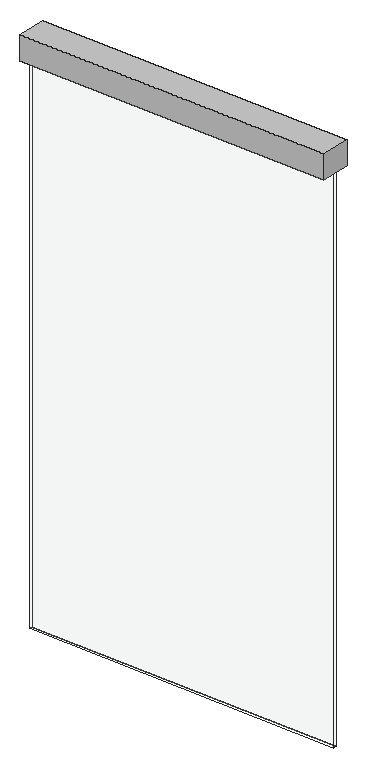
Revit family "Curtain_Panel_DORMA_Visur", category Fassadenelemente, Revit 2016
Family settings
  OmniClass-Nummer = 23.30.10.00
  OmniClass-Titel = Doors
  Immer vertikal = Ja
  Beim Laden mit Abzugskörper schneiden = Nein
  Gemeinsam genutzt = Nein
Parameters (values of type "12mm")
  _current revision = 1  # constant formula
  Youtube clip = ""
  Weight Net (Kg) = "0"
  WarrentyStartDate = ""
  WarrentyDuration = 0
  Uniclass 2.0 Code = "PR-36-37-21"
  Uniclass 1.4 Description = ""
  Uniclass 1.4 Code = ""
  URL = "http://www.dorma.com/gb/en/products/opening_closing/fittings_for_glass_swing_doors/visur_en/index-23222-23268-23303.html"
  UNSPSC Code = "301715"
  TypeName = ""
  Thickness = 12.00 mm
  Technical description = ""
  TagNumber = 0
  Size = ""
  SerialNumber = 0
  Product name = "Glass Swing Door Fittings VISUR "
  Product certification = ""
  Product SKU = "VISUR_001-1"
  Offset = 0.00 mm
  NominalWidth = 0
  NominalHeight = 0
  NBS Reference Description = "Door Hinges"
  NBS Reference Code = "36-37-21"
  Modell = "DORMA Visur Sidelight"
  Material secondary = "Glass"
  Material main = "Metal"
  Manufacturer name = "DORMA"
  Manufacturer country = "Germany"
  Hersteller = "DORMA"
  Bauelement = "L20"
  Ironmongery = Aluminium-Dorma Metal-Anodized Silver
  Installation instructions = ""
  InsallationDate = ""
  IFC Classification = "Door"
  Grade = ""
  Glazing Material = Glass-Dorma Glazing-Clear
  Features = ""
  ExtIdentifier = ""
  Edition number = "1"
  EAN code = "http://-"
  Design country = "Germany"
  Beschreibung = "All-glass double action doors without any visible fixings. Meet VISUR, a system patented for DORMA that secures double-action glass doors without the need for any visually disruptive functional elements. VISUR presents the door in perfect transparency. Rather than cluttering the outline of the leaf, the hardware components are located in the surrounding structures."
  Date of publishing = ""
  Created On = ""
  Created By = ""
  ConnectionType = ""
  Colour = ""
  COBIe Type Category = "Door"
  Barcode = 0
  BIMobject category = "Doors"
  AssetIdentifier = ""
  Baugruppenkennzeichen = "C1020100"
  Analytische Konstruktion = "<None>"
  AccessibilityPerformance = ""
Types (2, lengths in mm): name | Weight Net (Kg) | Uniclass 2.0 Code | URL | UNSPSC Code | Thickness | Product name | Product SKU | NBS Reference Description | NBS Reference Code | Modell | Material secondary | Material main | Manufacturer name | Manufacturer country | IFC Classification | Edition number | EAN code | Design country | COBIe Type Category | BIMobject category
  10mm | "" | "" | "http://www.dorma-uk.co.uk/prod/glass/1_fittings_for_toughened_glass_doors_assemblies/6_visur/(code)/overview/(parent)/21715" | "" | 10.00 | "" | "" | "" | "" | "DORMA Visur" | "" | "" | "" | "" | "" | "" | "" | "" | "" | ""
  12mm | "0" | "PR-36-37-21" | "http://www.dorma.com/gb/en/products/opening_closing/fittings_for_glass_swing_doors/visur_en/index-23222-23268-23303.html" | "301715" | 12.00 | "Glass Swing Door Fittings VISUR " | "VISUR_001-1" | "Door Hinges" | "36-37-21" | "DORMA Visur Sidelight" | "Glass" | "Metal" | "DORMA" | "Germany" | "Door" | "1" | "http://-" | "Germany" | "Door" | "Doors"
Reference planes
  plane 1 "Center (Front/Back)": y = 0
  plane 2: z = 0
  plane 3 "Center (Left/Right)": x = 82.523
  plane 4: x = -546.877
  plane 5: x = 711.923
  plane 6 "Top": z = 2133.6
  plane 7: y = 6
  plane 8 "Door Panel": y = 0
  plane 9: y = -6
  plane 10: y = 60
  plane 11: y = -60
  plane 12: z = 2231.6
Forms (mm)
  Extrusion 1, solid, material "Glass-Dorma Glazing-Clear" <- "Glazing Material"
    sketch origin (0, 0, 0) x (1, 0, 0) y (0, 0, 1)
      loop
        line (711.923, 2133.6) -> (-546.877, 2133.6) -> (-546.877, 0) -> (711.923, 0) -> (711.923, 2133.6)
    from -6 to 6
  Sweep 2, solid, material "Aluminium-Dorma Metal-Anodized Silver" <- "Ironmongery"
    path origin (0, 0, 0) x (-1, 0, 0) y (0, 0, 1)
      loop
        line (-711.923, 2231.6) -> (546.877, 2231.6)
    profile origin (82.523, 0, 2231.6) x (0, 0, 1) y (0, 1, 0)
      loop
        line (0, 60) -> (-98, 60) -> (-98, -60) -> (0, -60) -> (0, 60)
Text (mm)
  text "Exterior" at (-1161.5, 797.241, 0), in view "Ref. Level"
  text "Bimstore.co.uk Generic Family Template\n\nThis template has ben downloaded from www.bimstore.co.uk.  Please read our family creation guidelines before starting this family. You can download then from:\n\n\n\nhttp://www.bimstore.co.uk/protocols/bimstore.pdf" at (216.087, 1654.129, 0), in view "Ref. Level"
Dimensions and locks
  equal spacing: plane 4, plane 3 "Center (Left/Right)", plane 5
  equal spacing: plane 7, plane 8 "Door Panel", plane 9
  "Thickness": plane 7 to plane 9
  "Offset": plane 8 "Door Panel" to plane 1 "Center (Front/Back)"
  locked: plane 6 "Top" to plane 12 at 98
  plane 10 to plane 8 "Door Panel" to plane 11 = 60.00 mm locked, 60.00 mm locked
  plane 4 to plane 5 = 1258.80 mm
  plane 2 to plane 6 "Top" = 2133.60 mm
  aligned and locked: level to plane 2
  aligned and locked: plane 7 to Extrusion 1
  aligned and locked: plane 9 to Extrusion 1
  aligned and locked: plane 5 to Sweep 2 sketch curve
  aligned and locked: plane 4 to Sweep 2 sketch curve
  aligned and locked: Sweep 2 sketch curve to plane 12
  aligned and locked: profile plane to Sweep 2 sketch curve
  aligned and locked: Sweep 2 sketch curve to plane 10
  aligned and locked: Sweep 2 sketch curve to plane 6 "Top"
  aligned and locked: plane 11 to Sweep 2 sketch curve
  aligned and locked: Extrusion 1 sketch curve to plane 5
  aligned and locked: plane 4 to Extrusion 1 sketch curve
  aligned and locked: Extrusion 1 sketch curve to plane 2
  aligned and locked: Extrusion 1 sketch curve to plane 6 "Top"
